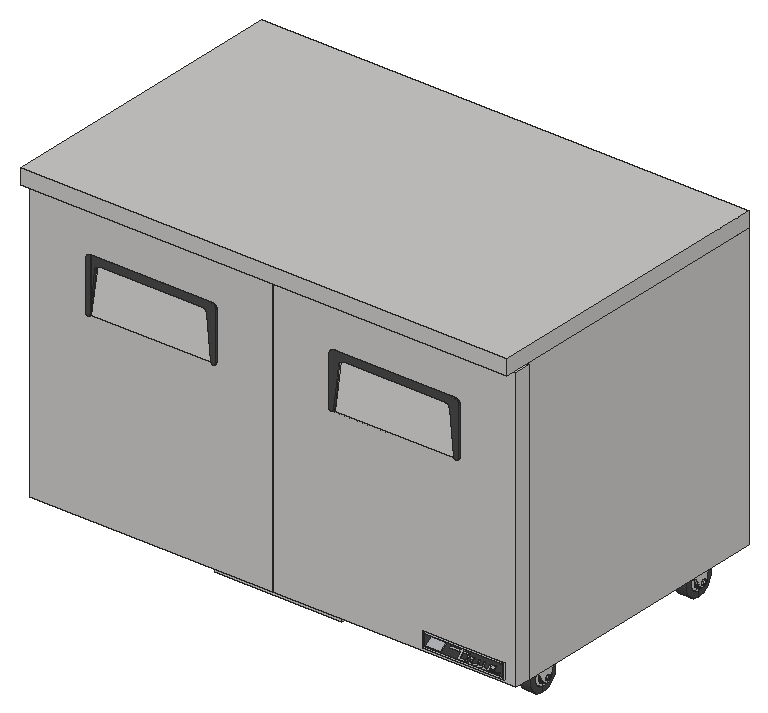
Revit family "QF_TRUE_TUC-48-ADA-HC_cat", category Specialty Equipment, Revit 2016
Family settings
  Part Type = Normal
  Round Connector Dimension = Use Diameter
  Work Plane-Based = No
  Always vertical = Yes
  Cut with Voids When Loaded = No
  Shared = Yes
  Room Calculation Point = No
Parameters
  Weight in Pounds = 260
  Watts = FL Amps * Volts  # 460 W
  Volts = 115 V
  URL Manufacturer = "www.truemfg.com"
  URL = "www.truemfg.com"
  Type Mark [instance] = ""
  Status [instance] = ""
  Specification by User [instance] = ""
  Specification by Manufacturer = ""
  Show Seismic Flanged [instance] = no
  Show Low Profile Model [instance] = no
  Show Logo [instance] = yes
  Show Clearance [instance] = yes
  Show ADA Compliant Model [instance] = yes
  Show 6 Inches Legs [instance] = no
  Show Default Model [instance] = if(or(Show 6 Inches Legs, Show 2.5 Inches Casters), or(or(Show Low Profile Model, Show ADA Compliant Model), and(Show 6 Inches Legs, Show 2.5 Inches Casters), and(Show 2.5 Inches Casters, Show Seismic Flanged)), if(or(Show Low Profile Model, Show ADA Compliant Model), or(Show Seismic Flanged, and(Show Low Profile Model, Show ADA Compliant Model)), not(Show Seismic Flanged)))  # no
  Show 2.5 Inches Casters [instance] = no
  Serial Number = ""
  Seismic Rating = ""
  SMACNA No = ""
  Revision Code [instance] = ""
  Phase = 1
  Omniclass Number and Title = ""
  Number of Poles [instance] = 1
  NAFEM Spec ID Number = ""
  Model = "TUC-48-ADA-HC"
  Min Ckt Ampacity = 0 A
  Max Overcurrent Protection = 0 A
  MasterSpec. = ""
  Manufacturer = "TRUE"
  Low Profile Model [instance] = and(Show Low Profile Model, not(Show Default Model))  # no
  Length = 48 5/16"
  Item Number [instance] = ""
  Installed By [instance] = ""
  Identify Quantity as Lot [instance] = yes
  Height = 33 11/16"
  HP = "1/4"
  Furnished By [instance] = ""
  Foodservice Equipment Identifier [instance] = yes
  FL Amps = 4 A
  Electrical Remarks [instance] = ""
  Electric Connection Type [instance] = ""
  Elec Conn RI Height [instance] = 0"
  Elec Conn Connection Height [instance] = 0"
  Description = "ADA COMPLIANT SOLID DOOR REFRIGERATOR WITH HYDROCARBON REFRIGERANT"
  Depth = 30 1/16"
  Cycle = 60 Hz
  Conn Plug = "NEMA 5-15P"
  Conn Conduit = yes
  CSI MasterFormat = ""
  CSI Master Format = ""
  Base Height [instance] = if(Show Default Model, 6 1/4", if(Show Low Profile Model, 2 1/8", if(Show Seismic Flanged, 6", if(Show 6 Inches Legs, 6", if(Show 2.5 Inches Casters, 2 1/2", if(Show ADA Compliant Model, 3 15/16", 6 1/4"))))))  # 3 15/16"
  Apparent Power = if(Phase = 3, Volts * FL Amps * 1.73, Volts * FL Amps)  # 460 VA
  ADA Compliant Model [instance] = and(Show ADA Compliant Model, not(Show Default Model))  # yes
  6" Seismic Flanged [instance] = and(Show Seismic Flanged, not(Show Default Model))  # no
  6" Legs [instance] = and(or(Show Seismic Flanged, Show 6 Inches Legs), not(Show Default Model))  # no
  2.5" Casters [instance] = and(Show 2.5 Inches Casters, not(Show Default Model))  # no
Reference planes (in)
  plane 1 "BACK": y = -16.5
  plane 2: z = 0
  plane 3 "LEFT": x = 0
  plane 4 "RIGHT": x = 48.3125
  plane 5 "FRONT": y = -48.125
  plane 6 "TOP": z = 33.6875
  plane 7: z = 3.9375
  plane 8: y = -47.5625
  plane 9: y = -17.5
  plane 10: x = 24.15625
  plane 11: x = 2.84375
  plane 12: x = 45.53125
Dimensions and locks (in)
  "Length": plane 3 "LEFT" to plane 4 "RIGHT"
  plane 4 "RIGHT" to plane 3 "LEFT" = 48 5/16"
  plane 5 "FRONT" to plane 1 "BACK" = 31 5/8"
  "Base Height": plane 7 to level
  equal spacing: plane 3 "LEFT", plane 10, plane 4 "RIGHT"
  plane 5 "FRONT" to plane 8 = 9/16"
  plane 8 to plane 9 to plane 1 "BACK" = 30 1/16", 1"
  plane 1 "BACK" to plane 9 to plane 5 "FRONT" = 1", 30 5/8"
  "Depth": plane 9 to plane 8
  locked: plane 6 "TOP" to plane 7 at 29.75
  plane 6 "TOP" to level = 33 11/16"
  aligned and locked: level to plane 2
  aligned and locked: plane 7 to nested 1
Nested families (in)
  nested 1: "TUC-48-ADA-HC" at (0, 0, 0), Show Logo <- "Show Logo", Show Clearance <- "Show Clearance", type "TUC-48-ADA-HC"
    with Show Logo yes, Show Clearance yes
  nested 2: "Caster-Legs" at (2.84375, -21.74082, 0), Show Siesmic Flanged <- "6" Seismic Flanged", Show Legs <- "6" Legs", Low Profile <- "Low Profile Model", Show 2.5 Casters <- "2.5" Casters", Show 6" Casters <- "Show Default Model", Show 4" Casters <- "Show ADA Compliant Model", type "Caster-Legs"
    with Type Mark "", Status "", Specification by User "", Show Siesmic Flanged no, Show Legs no, Show 6" Casters no, Show 5" Casters no, Show 4" Casters yes, Show 2.5 Casters no, Revision Code "", Low Profile no, Item Number "", Installed By "", Identify Quantity as Lot yes, Furnished By "", Foodservice Equipment Identifier yes
  nested 3: "Caster-Legs" at (45.53125, -21.74082, 0), Show Siesmic Flanged <- "6" Seismic Flanged", Show Legs <- "6" Legs", Low Profile <- "Low Profile Model", Show 2.5 Casters <- "2.5" Casters", Show 6" Casters <- "Show Default Model", Show 4" Casters <- "Show ADA Compliant Model", type "Caster-Legs"
    with Type Mark "", Status "", Specification by User "", Show Siesmic Flanged no, Show Legs no, Show 6" Casters no, Show 5" Casters no, Show 4" Casters yes, Show 2.5 Casters no, Revision Code "", Low Profile no, Item Number "", Installed By "", Identify Quantity as Lot yes, Furnished By "", Foodservice Equipment Identifier yes
  nested 4: "Caster-Legs" at (45.53125, -41.06531, 0), Show Siesmic Flanged <- "6" Seismic Flanged", Show Legs <- "6" Legs", Low Profile <- "Low Profile Model", Show 2.5 Casters <- "2.5" Casters", Show 6" Casters <- "Show Default Model", Show 4" Casters <- "Show ADA Compliant Model", type "Caster-Legs"
    with Type Mark "", Status "", Specification by User "", Show Siesmic Flanged no, Show Legs no, Show 6" Casters no, Show 5" Casters no, Show 4" Casters yes, Show 2.5 Casters no, Revision Code "", Low Profile no, Item Number "", Installed By "", Identify Quantity as Lot yes, Furnished By "", Foodservice Equipment Identifier yes
  nested 5: "Caster-Legs" at (2.84375, -41.06531, 0), Show Siesmic Flanged <- "6" Seismic Flanged", Show Legs <- "6" Legs", Low Profile <- "Low Profile Model", Show 2.5 Casters <- "2.5" Casters", Show 6" Casters <- "Show Default Model", Show 4" Casters <- "Show ADA Compliant Model", type "Caster-Legs"
    with Type Mark "", Status "", Specification by User "", Show Siesmic Flanged no, Show Legs no, Show 6" Casters no, Show 5" Casters no, Show 4" Casters yes, Show 2.5 Casters no, Revision Code "", Low Profile no, Item Number "", Installed By "", Identify Quantity as Lot yes, Furnished By "", Foodservice Equipment Identifier yes
Connectors (in)
  electrical at (44.20667, -17.5, 9.67322), driven by "Volts", driven by "Watts"
    settings: on nested 1, index 3, voltage 115 V, apparent load 460 VA, apparent load phase1 0 VA, apparent load phase2 0 VA, apparent load phase3 0 VA, power factor 1, load classification "Other", number of poles 1, system type 30, power factor state 1, is connector primary yes, connector utility no, sub classification motor no, connector description "ELECTRICAL CONNECTION"
Definition of nested family "TUC-48-ADA-HC"
  Parameters (values of type "TUC-48G-ADA-HC-FGD01")
    URL = ""
    Show Logo [instance] = yes
    Show Clearance [instance] = yes
    Model = ""
    Manufacturer = ""
    Description = ""
    Assembly Code = ""
  Reference planes (in)
    plane 1 "BACK": y = -16.5
    plane 2: z = 0
    plane 3 "LEFT": x = 0
    plane 4 "RIGHT": x = 48.3125
    plane 5 "FRONT": y = -48.125
    plane 6 "TOP": z = 33.6875
    plane 7: z = 3.9375
    plane 8: x = 24.15625
    plane 9: z = 27.63
    plane 10: z = 22.15093
    plane 11: x = 12.07812
    plane 12: z = 27.63
    plane 13: z = 22.15093
    plane 14: y = -57.53306
    plane 15: y = -17.5
    plane 16: y = -47.5625
  Forms (in)
    Extrusion 1, solid
      sketch origin (0, 0, 0) x (0, 1, 0) y (0, 0, 1)
        loop
          line (-47.5625, 33.6875) -> (-47.5625, 32.17322) -> (-17.5, 32.17322) -> (-17.5, 33.6875) -> (-47.5625, 33.6875)
      from 0 to 48.3125
    Extrusion 2, solid
      sketch origin (0, 0, 0) x (0, 1, 0) y (0, 0, 1)
        loop
          line (-44.81701, 32.17322) -> (-44.81701, 3.9375) -> (-17.5, 3.9375) -> (-17.5, 32.17322) -> (-44.81701, 32.17322)
      from 0 to 48.3125
    Extrusion 3, solid
      sketch origin (4.5, -13.375, -2.32678) x (1, 0, 0) y (0, 0, 1)
        loop
          line (-4.5, 34.28323) -> (-4.5, 6.25) -> (19.625, 6.25) -> (19.625, 34.28323) -> (-4.5, 34.28323)
      from 31.44201 to 33
    Extrusion 4, solid
      sketch origin (-6, -16.5, -2.9375) x (1, 0, 0) y (0, 0, 1)
        loop
          line (22.0625, 6.875) -> (22.0625, 4.5625) -> (34.6875, 4.5625) -> (34.6875, 6.875) -> (22.0625, 6.875)
      from 1.69409 to 27
    Extrusion 5, solid
      sketch origin (-6.09375, -13.375, -2.32678) x (1, 0, 0) y (0, 0, 1)
        loop
          line (54.40625, 6.25) -> (54.40625, 34.28323) -> (30.28125, 34.28323) -> (30.28125, 6.25) -> (54.40625, 6.25)
      from 31.44201 to 33
    Extrusion 6, void
      sketch origin (-6, -45.81701, 4.49997) x (0, 0, -1) y (-1, 0, 0)
        loop
          line (-1.42325, -8) -> (-25.45648, -8) -> (-25.45648, -52.3125) -> (-1.42325, -52.3125) -> (-1.42325, -8)
      from 1 to 24
    Extrusion 7, solid, visible <- "Show Clearance", detail levels coarse
      sketch origin (11.8682, -36.72639, -0.07678) x (-1, 0, 0) y (0, -1, 0)
        loop
          line (11.8682, 9.64861) -> (11.8682, 32.39861)
          arc (11.8682, 32.39861) -> (-4.9218, 26.03684) -> (-12.2568, 9.64861) r 23.39214
          line (-12.2568, 9.64861) -> (11.8682, 9.64861)
      from 4 to 32.03323
    Revolve 8, solid
      sketch origin (-12.93057, -16.5155, 20.92322) x (1, 0, 0) y (0, 1, 0)
        loop
          line (18.64104, -0.9845) -> (19.10979, -0.9845) -> (19.10979, 0.0155) -> (18.64104, 0.0155) -> (18.64104, -0.9845)
        axis (18.64104, -0.9845) -> (18.64104, 0.0155)
      angle from 0 to 360
    Revolve 9, solid
      sketch origin (61.30557, -16.5155, 20.92322) x (-1, 0, 0) y (0, -1, 0)
        loop
          line (18.70354, 0.9845) -> (18.70354, -0.0155) -> (19.17229, -0.0155) -> (19.17229, 0.9845) -> (18.70354, 0.9845)
        axis (18.70354, 0.9845) -> (18.70354, -0.0155)
      angle from 0 to 360
    Extrusion 10, solid
      sketch origin (-13.77458, -17.5, -2.32678) x (1, 0, 0) y (0, 0, 1)
        loop
          circle (57.98125, 12) r 0.25
      from 0 to 0.0625
    Extrusion 11, solid, visible <- "Show Clearance", detail levels coarse
      sketch origin (36.5068, -36.72639, -0.07678) x (1, 0, 0) y (0, 1, 0)
        loop
          line (11.8057, -9.64861) -> (-12.3193, -9.64861)
          arc (-12.3193, -9.64861) -> (-4.9843, -26.03684) -> (11.8057, -32.39861) r 23.39214
          line (11.8057, -32.39861) -> (11.8057, -9.64861)
      from 4 to 32.03323
    Extrusion 12, void
      sketch origin (12.07812, -13.78209, 48) x (0, -1, 0) y (0, 0, 1)
        loop
          line (32.59291, -20.37) -> (31.52391, -20.37) -> (32.59291, -25.84907) -> (32.59291, -20.37)
      from -6 to 6
    Extrusion 13, solid
      sketch origin (0.07813, -46.375, 0) x (1, 0, 0) y (0, 0, 1)
        loop
          line (5.52833, 27.13) -> (5.52833, 22.36054)
          arc (5.52833, 22.36054) -> (5.74774, 22.11831) -> (6.01044, 22.31274) r 0.24342
          line (6.01044, 22.31274) -> (6.44945, 26.42717)
          arc (6.44945, 26.42717) -> (6.61215, 26.74648) -> (6.94671, 26.87491) r 0.5
          line (6.94671, 26.87491) -> (17.05329, 26.87491)
          arc (17.05329, 26.87491) -> (17.38785, 26.74648) -> (17.55055, 26.42717) r 0.5
          line (17.55055, 26.42717) -> (17.98956, 22.31274)
          arc (17.98956, 22.31274) -> (18.25226, 22.11831) -> (18.47166, 22.36054) r 0.24342
          line (18.47166, 22.36054) -> (18.47166, 27.13)
          arc (18.47166, 27.13) -> (18.32522, 27.48356) -> (17.97166, 27.63) r 0.5
          line (17.97166, 27.63) -> (6.02833, 27.63)
          arc (6.02833, 27.63) -> (5.67478, 27.48356) -> (5.52833, 27.13) r 0.5
      from 0 to 0.0625
    Extrusion 14, void
      sketch origin (36.29688, -13.78209, 48) x (0, -1, 0) y (0, 0, -1)
        loop
          line (32.59291, 20.37) -> (32.59291, 25.84907) -> (31.52391, 20.37) -> (32.59291, 20.37)
      from -6 to 6
    Extrusion 15, solid
      sketch origin (48.29687, -46.375, 0) x (-1, 0, 0) y (0, 0, -1)
        loop
          arc (5.59083, -27.13) -> (5.73728, -27.48356) -> (6.09083, -27.63) r 0.5
          line (6.09083, -27.63) -> (18.00291, -27.63)
          arc (18.00291, -27.63) -> (18.35647, -27.48356) -> (18.50291, -27.13) r 0.5
          line (18.50291, -27.13) -> (18.50291, -22.36054)
          arc (18.50291, -22.36054) -> (18.28351, -22.11831) -> (18.02081, -22.31274) r 0.24342
          line (18.02081, -22.31274) -> (17.5818, -26.42717)
          arc (17.5818, -26.42717) -> (17.4191, -26.74648) -> (17.08454, -26.87491) r 0.5
          line (17.08454, -26.87491) -> (7.00921, -26.87491)
          arc (7.00921, -26.87491) -> (6.67465, -26.74648) -> (6.51195, -26.42717) r 0.5
          line (6.51195, -26.42717) -> (6.07294, -22.31274)
          arc (6.07294, -22.31274) -> (5.81024, -22.11831) -> (5.59083, -22.36054) r 0.24342
          line (5.59083, -22.36054) -> (5.59083, -27.13)
      from 0 to 0.0625
  Cuts and joins
    Extrusion 6 cuts Extrusion 2
    Extrusion 6, Extrusion 12, Extrusion 14 cuts Extrusion 3
    Extrusion 6, Extrusion 14 cuts Extrusion 5
    Extrusion 14 cuts Extrusion 7
  Lines and regions (in)
    symbolic lines
      curve 1: line (0, -17.5, 0) -> (48.3125, -17.5, 0)
      curve 2: line (48.3125, -47.5625, 0) -> (0, -47.5625, 0)
      curve 3: line (48.3125, -17.5, 0) -> (48.3125, -47.5625, 0)
      curve 4: line (6.17922, -16.5, 0) -> (5.24172, -16.5, 0)
      curve 5: line (6.17922, -16.5, 0) -> (6.17922, -17.5, 0)
      curve 6: line (5.24172, -16.5, 0) -> (5.24172, -17.5, 0)
      curve 7: line (42.07078, -16.5, 0) -> (43.00828, -16.5, 0)
      curve 8: line (42.07078, -16.5, 0) -> (42.07078, -17.5, 0)
      curve 9: line (43.00828, -16.5, 0) -> (43.00828, -17.5, 0)
      curve 10: line (0, -17.5, 0) -> (0, -47.5625, 0)
      curve 11: arc (24.24654, -47.5625, 0) -> (25.37507, -53.11477, 0) -> (27.8051, -58.23299, 0) r 23.39786
      curve 12: line (27.8051, -58.23299, 0) -> (46.25551, -47.5625, 0)
      curve 13: arc (24.06596, -47.5625, 0) -> (22.93743, -53.11477, 0) -> (20.5074, -58.23299, 0) r 23.39786
      curve 14: line (20.5074, -58.23299, 0) -> (2.05699, -47.5625, 0)
  Dimensions and locks (in)
    plane 3 "LEFT" to plane 4 "RIGHT" = 48 5/16"
    plane 4 "RIGHT" to plane 3 "LEFT" = 48 5/16"
    plane 6 "TOP" to level = 33 11/16"
    plane 5 "FRONT" to plane 1 "BACK" = 31 5/8"
    plane 7 to level = 3 15/16"
    plane 6 "TOP" to plane 7 = 29 3/4"
    equal spacing: plane 3 "LEFT", plane 8, plane 4 "RIGHT"
    cut or joined group of Extrusion 2, Extrusion 6 to plane 1 "BACK" = 1"
    level to Extrusion 4 = 1 5/8"
    Extrusion 4 to plane 7 = 2 5/16"
    plane 1 "BACK" to plane 14 = 41.03306"
    plane 16 to plane 15 to plane 1 "BACK" = 30 1/16", 1"
    Extrusion 4 to Extrusion 4 to plane 4 "RIGHT" = 12 5/8", 19 5/8"
    aligned and locked: level to plane 2
  Automatic sketch dimensions
    curve 10 to plane 3 "LEFT" = 0"
    plane 1 "BACK" to curve 4 = 0"
    plane 1 "BACK" to curve 7 = 0"
    curve 3 to plane 4 "RIGHT" = 0"
    plane 3 "LEFT" to curve 13 = 0.74136"
    plane 3 "LEFT" to curve 4 = 5.24172"
    curve 4 to curve 5 = 15/16"
    plane 8 to curve 14 = 3.64885"
    curve 12 to plane 8 = 3.64885"
    curve 7 to plane 4 "RIGHT" = 6.24172"
    curve 7 to curve 9 = 15/16"
    curve 11 to plane 4 "RIGHT" = 0.74136"
    plane 5 "FRONT" to curve 12 = 10.10799"
    curve 14 to curve 11 = 0"
    plane 1 "BACK" to curve 3 = 1"
    plane 3 "LEFT" to curve 14 = 2.05699"
    curve 12 to plane 4 "RIGHT" = 2.05699"
    Extrusion 1 sketch curve to plane 6 "TOP" = 0"
    plane 1 "BACK" to Extrusion 1 sketch curve = 1"
    Extrusion 1 sketch curve to plane 6 "TOP" = 1.51428"
    Extrusion 2 sketch curve to plane 7 = 0"
    plane 1 "BACK" to Extrusion 2 sketch curve = 1"
    Extrusion 2 sketch curve to plane 6 "TOP" = 1.51428"
    Extrusion 3 sketch curve to plane 3 "LEFT" = 0"
    Extrusion 3 sketch curve to plane 7 = 0.01428"
    plane 8 to Extrusion 3 sketch curve = 1/32"
    Extrusion 3 sketch curve to plane 6 "TOP" = 1.73105"
    Extrusion 5 sketch curve to plane 4 "RIGHT" = 0"
    Extrusion 5 sketch curve to plane 8 = 1/32"
    Extrusion 5 sketch curve to plane 7 = 0.01428"
    Extrusion 5 sketch curve to plane 6 "TOP" = 1.73105"
    Extrusion 6 sketch curve to plane 6 "TOP" = 3.73105"
    plane 7 to Extrusion 6 sketch curve = 1.98572"
    Extrusion 6 sketch curve to plane 4 "RIGHT" = 2"
    plane 3 "LEFT" to Extrusion 6 sketch curve = 2"
    Extrusion 7 sketch curve to plane 3 "LEFT" = 0"
    plane 3 "LEFT" to Extrusion 7 sketch curve = 0.74136"
    plane 8 to Extrusion 7 sketch curve = 1/32"
    plane 1 "BACK" to Revolve 8 sketch curve = 0"
    plane 1 "BACK" to Revolve 8 sketch curve = 1"
    plane 3 "LEFT" to Revolve 8 sketch curve = 5.71047"
    Revolve 8 sketch curve to Revolve 8 sketch curve = 15/32"
    Revolve 8 sketch curve to Revolve 8 sketch curve = 0"
    Revolve 8 sketch curve to Revolve 8 sketch curve = 0.0155"
    Revolve 8 sketch curve to plane 1 "BACK" = 0.2345"
    plane 1 "BACK" to Revolve 9 sketch curve = 0"
    plane 1 "BACK" to Revolve 9 sketch curve = 1"
    Revolve 9 sketch curve to plane 4 "RIGHT" = 5.71047"
    Revolve 9 sketch curve to Revolve 9 sketch curve = 15/32"
    Revolve 9 sketch curve to Revolve 9 sketch curve = 0"
    Revolve 9 sketch curve to plane 1 "BACK" = 0.2345"
    Revolve 9 sketch curve to Revolve 9 sketch curve = 0.0155"
    Extrusion 10 sketch curve to plane 4 "RIGHT" = 4.10583"
    plane 7 to Extrusion 10 sketch curve = 5.73572"
    Extrusion 11 sketch curve to plane 4 "RIGHT" = 0"
    Extrusion 11 sketch curve to plane 4 "RIGHT" = 0.74136"
    Extrusion 11 sketch curve to plane 8 = 1/32"
    Extrusion 12 sketch curve to plane 9 = 0"
    Extrusion 12 sketch curve to plane 10 = 0"
    plane 3 "LEFT" to Extrusion 13 sketch curve = 5.60646"
    Extrusion 13 sketch curve to Extrusion 13 sketch curve = 0.24342"  (x2)
    Extrusion 13 sketch curve to Extrusion 13 sketch curve = 0.23868"  (x2)
    Extrusion 13 sketch curve to Extrusion 13 sketch curve = 1/2"
    Extrusion 13 sketch curve to Extrusion 13 sketch curve = 0.42112"
    Extrusion 13 sketch curve to Extrusion 13 sketch curve = 0.49726"  (x2)
    plane 11 to Extrusion 13 sketch curve = 5.05329"
    Extrusion 13 sketch curve to Extrusion 13 sketch curve = 0.91838"
    Extrusion 13 sketch curve to Extrusion 13 sketch curve = 0.43901"
    Extrusion 13 sketch curve to plane 6 "TOP" = 11.37476"  (x2)
    Extrusion 13 sketch curve to Extrusion 13 sketch curve = 4.06217"  (x2)
    Extrusion 13 sketch curve to Extrusion 13 sketch curve = 0.05226"
    Extrusion 13 sketch curve to Extrusion 13 sketch curve = 0.70283"
    Extrusion 14 sketch curve to plane 12 = 0"
    Extrusion 14 sketch curve to plane 13 = 0"
    Extrusion 15 sketch curve to plane 4 "RIGHT" = 5.60646"
    Extrusion 15 sketch curve to Extrusion 15 sketch curve = 0.24342"  (x2)
    Extrusion 15 sketch curve to Extrusion 15 sketch curve = 0.23868"  (x2)
    Extrusion 15 sketch curve to Extrusion 15 sketch curve = 1/2"
    Extrusion 15 sketch curve to Extrusion 15 sketch curve = 0.42112"
    Extrusion 15 sketch curve to Extrusion 15 sketch curve = 0.49726"  (x2)
    Extrusion 15 sketch curve to plane 8 = 7.05609"
    Extrusion 15 sketch curve to Extrusion 15 sketch curve = 0.91838"
    Extrusion 15 sketch curve to Extrusion 15 sketch curve = 0.43901"
    Extrusion 15 sketch curve to plane 6 "TOP" = 6.0575"
    Extrusion 15 sketch curve to Extrusion 15 sketch curve = 0.25509"
    Extrusion 15 sketch curve to Extrusion 15 sketch curve = 0.44774"  (x2)
    Extrusion 15 sketch curve to Extrusion 15 sketch curve = 4.06664"  (x2)
    curve 2 to plane 5 "FRONT" = 9/16"
    curve 2 to curve 13 = 1.85003"
    curve 2 to curve 11 = 1.85003"
    Extrusion 1 sketch curve to plane 5 "FRONT" = 9/16"
    Extrusion 2 sketch curve to plane 5 "FRONT" = 3.30799"
    Extrusion 7 sketch curve to plane 5 "FRONT" = 1 3/4"
    Extrusion 11 sketch curve to plane 5 "FRONT" = 1 3/4"
    Extrusion 12 sketch curve to plane 5 "FRONT" = 2.819"
    Extrusion 12 sketch curve to plane 5 "FRONT" = 1 3/4"
    Extrusion 14 sketch curve to plane 5 "FRONT" = 2.819"
    Extrusion 14 sketch curve to plane 5 "FRONT" = 1 3/4"
    Extrusion 7 sketch curve to Extrusion 7 sketch curve = 0.63039"
    plane 5 "FRONT" to Extrusion 11 sketch curve = 21"
    Extrusion 4 sketch curve to plane 8 = 4 17/32"
    plane 11 to Extrusion 4 sketch curve = 3 63/64"
    level to Extrusion 4 sketch curve = 1 5/8"
    Extrusion 4 sketch curve to plane 7 = 0"
    radius of Extrusion 10 sketch curve = 1/4"
  Nested families (in)
    nested 1: "QF_LOGO_TRUE" at (39.07846, -46.375, 4.21961), Show Logo <- "Show Logo", type "QF_LOGO_TRUE", detail levels medium+fine
      with Show Logo yes
  Definition of nested family "QF_LOGO_TRUE"
    Parameters (values of type "QF_LOGO_TRUE")
      Show Logo [instance] = yes
    Reference planes (in)
      plane 1 "Center (Front/Back)": y = 0
      plane 2: z = 0
      plane 3 "Center (Left/Right)": x = 0
    Forms (in)
      Extrusion 1, solid, visible <- "Show Logo"
        sketch origin (-78.34647, 34.76905, -30.51001) x (1, 0, 0) y (0, 0, 1)
          loop
            line (81.15226, 31.65456) -> (81.07353, 31.48573) -> (82.12083, 31.48573)
            arc (82.12083, 31.48573) -> (82.14208, 31.44814) -> (82.12083, 31.41055) r 0.04386
            line (82.12083, 31.41055) -> (81.84767, 30.82478)
            arc (81.84767, 30.82478) -> (81.84531, 30.77052) -> (81.882, 30.73048) r 0.07096
            line (81.882, 30.73048) -> (82.55165, 30.73048)
            arc (82.55165, 30.73048) -> (82.63621, 30.75714) -> (82.69019, 30.82748) r 0.14742
            line (82.69019, 30.82748) -> (82.90515, 31.28847) -> (83.10265, 31.28847)
            arc (83.10265, 31.28847) -> (83.15447, 31.26942) -> (83.14697, 31.21472) r 0.04405
            line (83.14697, 31.21472) -> (82.9671, 30.82899)
            arc (82.9671, 30.82899) -> (82.9699, 30.76493) -> (83.02398, 30.73048) r 0.06943
            line (83.02398, 30.73048) -> (83.6124, 30.73048)
            arc (83.6124, 30.73048) -> (83.65748, 30.74689) -> (83.68147, 30.78844) r 0.07014
            arc (83.68147, 30.78844) -> (83.69845, 30.74745) -> (83.73943, 30.73048) r 0.05796
            line (83.73943, 30.73048) -> (84.112, 30.73048)
            arc (84.112, 30.73048) -> (84.15504, 30.74201) -> (84.18655, 30.77352) r 0.08608
            arc (84.18655, 30.77352) -> (84.20164, 30.7371) -> (84.23806, 30.72202) r 0.0515
            line (84.23806, 30.72202) -> (84.76757, 30.72202)
            arc (84.76757, 30.72202) -> (84.81086, 30.73995) -> (84.8288, 30.78324) r 0.06122
            arc (84.8288, 30.78324) -> (84.86848, 30.74355) -> (84.92269, 30.72903) r 0.10842
            line (84.92269, 30.72903) -> (85.91461, 30.72903) -> (86.02479, 30.91987) -> (85.0243, 30.91987)
            arc (85.0243, 30.91987) -> (84.99669, 30.93902) -> (84.99566, 30.97261) r 0.03732
            line (84.99566, 30.97261) -> (85.01297, 31.00972)
            arc (85.01297, 31.00972) -> (85.03954, 31.04453) -> (85.0813, 31.05774) r 0.07263
            line (85.0813, 31.05774) -> (85.40289, 31.05774)
            arc (85.40289, 31.05774) -> (85.4723, 31.07633) -> (85.52311, 31.12715) r 0.13882
            line (85.52311, 31.12715) -> (85.61625, 31.28847)
            arc (85.61625, 31.28847) -> (85.61625, 31.37458) -> (85.54168, 31.41763) r 0.08611
            line (85.54168, 31.41763) -> (85.20227, 31.41763)
            arc (85.20227, 31.41763) -> (85.11574, 31.40294) -> (85.05538, 31.33923) r 0.13863
            line (85.05538, 31.33923) -> (84.89409, 30.99333)
            arc (84.89409, 30.99333) -> (84.84649, 30.9313) -> (84.77191, 30.90778) r 0.13002
            line (84.77191, 30.90778) -> (84.41984, 30.90778)
            arc (84.41984, 30.90778) -> (84.3777, 30.95378) -> (84.38042, 31.0161) r 0.08151
            line (84.38042, 31.0161) -> (84.56766, 31.41763) -> (84.44849, 31.41763) -> (84.25012, 30.99222)
            arc (84.25012, 30.99222) -> (84.21158, 30.94199) -> (84.15119, 30.92296) r 0.10527
            line (84.15119, 30.92296) -> (83.90842, 30.92296)
            arc (83.90842, 30.92296) -> (83.8674, 30.97642) -> (83.87619, 31.04323) r 0.08805
            line (83.87619, 31.04323) -> (84.05078, 31.41763) -> (83.92772, 31.41763) -> (83.72676, 30.98668)
            arc (83.72676, 30.98668) -> (83.68011, 30.94003) -> (83.61639, 30.92296) r 0.12745
            line (83.61639, 30.92296) -> (83.26484, 30.92296)
            arc (83.26484, 30.92296) -> (83.2017, 30.9524) -> (83.19563, 31.0218) r 0.06967
            line (83.19563, 31.0218) -> (83.31118, 31.26961) -> (83.47452, 31.26961)
            arc (83.47452, 31.26961) -> (83.50209, 31.35268) -> (83.56075, 31.41763) r 0.21289
            line (83.56075, 31.41763) -> (82.92244, 31.41763)
            arc (82.92244, 31.41763) -> (82.85151, 31.40191) -> (82.80242, 31.34834) r 0.12081
            line (82.80242, 31.34834) -> (82.6294, 30.9773)
            arc (82.6294, 30.9773) -> (82.58962, 30.93752) -> (82.53528, 30.92296) r 0.10869
            line (82.53528, 30.92296) -> (82.1542, 30.92296)
            arc (82.1542, 30.92296) -> (82.12446, 30.96315) -> (82.13012, 31.01283) r 0.06822
            line (82.13012, 31.01283) -> (82.38156, 31.48573) -> (83.01596, 31.48573) -> (83.09469, 31.65456) -> (82.46029, 31.65456) -> (82.53902, 31.8234) -> (82.31334, 31.8234) -> (82.23461, 31.65456) -> (81.15226, 31.65456)
          loop
            arc (85.15937, 31.26434) -> (85.13191, 31.25698) -> (85.1118, 31.23688) r 0.05494
            line (85.1118, 31.23688) -> (85.09547, 31.18665)
            arc (85.09547, 31.18665) -> (85.10304, 31.16837) -> (85.12133, 31.16079) r 0.02586
            line (85.12133, 31.16079) -> (85.39889, 31.16079)
            arc (85.39889, 31.16079) -> (85.41888, 31.16523) -> (85.43513, 31.1777) r 0.04731
            line (85.43513, 31.1777) -> (85.44863, 31.2402)
            arc (85.44863, 31.2402) -> (85.44466, 31.25693) -> (85.42914, 31.26434) r 0.01994
            line (85.42914, 31.26434) -> (85.15937, 31.26434)
          loop
            line (78.62961, 30.74125) -> (80.12032, 30.74125) -> (80.73891, 31.81268) -> (79.2482, 31.81268) -> (78.62961, 30.74125)
        from 34.76797 to 34.83173
      Extrusion 2, solid, visible <- "Show Logo"
        sketch origin (-142.84857, 34.75108, -33.3546) x (1, 0, 0) y (0, 0, 1)
          loop
            line (150.81107, 34.71978) -> (142.98607, 34.71978) -> (142.98607, 33.4921) -> (150.81107, 33.4921) -> (150.81107, 34.71978)
        from 34.75108 to 34.78125
      Extrusion 3, solid, visible <- "Show Logo"
        sketch origin (-142.84857, 34.75108, -33.3546) x (1, 0, 0) y (0, 0, 1)
          loop
            line (150.94857, 34.85727) -> (142.84857, 34.85727) -> (142.84857, 33.3546) -> (150.94857, 33.3546) -> (150.94857, 34.85727)
          loop
            line (142.98607, 34.71978) -> (142.98607, 33.4921) -> (150.81107, 33.4921) -> (150.81107, 34.71978) -> (142.98607, 34.71978)
        from 34.75108 to 34.81376
      Extrusion 4, solid, not visible
        sketch origin (121.45701, -16.5, 4.98235) x (1, 0, 0) y (0, 0, 1)
          loop
            line (25.20115, 35.89949) -> (25.20115, 33.96647) -> (30.95381, 33.96647) -> (30.95381, 35.89949) -> (25.20115, 35.89949)
        from 31.5 to 31.54261
      Extrusion 5, solid, not visible
        sketch origin (121.45701, -16.5, 4.98235) x (1, 0, 0) y (0, 0, 1)
          loop
            line (26.7387, 34.95472) -> (26.61492, 34.49276) -> (27.038, 34.49276)
            arc (27.038, 34.49276) -> (27.13117, 34.52484) -> (27.18485, 34.60749) r 0.15134
            arc (27.18485, 34.60749) -> (27.20396, 34.68138) -> (27.22435, 34.75493) r 4.37326
            arc (27.22435, 34.75493) -> (27.23458, 34.81765) -> (27.22435, 34.88037) r 0.1974
            arc (27.22435, 34.88037) -> (27.18247, 34.93579) -> (27.11563, 34.95472) r 0.10914
            line (27.11563, 34.95472) -> (26.7387, 34.95472)
          loop
            line (26.90201, 34.80638) -> (26.84645, 34.59903) -> (26.92855, 34.59903)
            arc (26.92855, 34.59903) -> (26.98205, 34.6185) -> (27.01051, 34.6678) r 0.08322
            line (27.01051, 34.6678) -> (27.02399, 34.74424)
            arc (27.02399, 34.74424) -> (27.01491, 34.78454) -> (26.97985, 34.80638) r 0.05353
            line (26.97985, 34.80638) -> (26.90201, 34.80638)
          loop
            line (27.45336, 34.66131) -> (27.76233, 34.66131) -> (27.78859, 34.73909)
            arc (27.78859, 34.73909) -> (27.7878, 34.82039) -> (27.73107, 34.87864) r 0.10925
            arc (27.73107, 34.87864) -> (27.68233, 34.8944) -> (27.63139, 34.89974) r 0.24595
            line (27.63139, 34.89974) -> (27.46708, 34.89974)
            arc (27.46708, 34.89974) -> (27.4068, 34.88073) -> (27.3535, 34.84677) r 0.2421
            arc (27.3535, 34.84677) -> (27.2897, 34.76363) -> (27.26702, 34.66131) r 0.2421
            line (27.26702, 34.66131) -> (27.26702, 34.54477)
            arc (27.26702, 34.54477) -> (27.31618, 34.4956) -> (27.38334, 34.47761) r 0.13431
            line (27.38334, 34.47761) -> (27.59054, 34.47761)
            arc (27.59054, 34.47761) -> (27.63459, 34.48281) -> (27.67622, 34.49812) r 0.18924
            line (27.67622, 34.49812) -> (27.73102, 34.61563)
            arc (27.73102, 34.61563) -> (27.68453, 34.59565) -> (27.63566, 34.58252) r 0.35376
            arc (27.63566, 34.58252) -> (27.55885, 34.56956) -> (27.48204, 34.58252) r 0.23415
            arc (27.48204, 34.58252) -> (27.44492, 34.61362) -> (27.45336, 34.66131) r 0.04838
          loop
            line (27.4842, 34.73042) -> (27.62012, 34.73042) -> (27.62621, 34.76496)
            arc (27.62621, 34.76496) -> (27.58961, 34.80242) -> (27.53739, 34.80638) r 0.0742
            arc (27.53739, 34.80638) -> (27.49747, 34.77773) -> (27.4842, 34.73042) r 0.0742
          loop
            line (27.91616, 34.97572) -> (27.78675, 34.49276) -> (27.98645, 34.49276) -> (28.11586, 34.97572) -> (27.91616, 34.97572)
          loop
            line (28.13678, 34.66131) -> (28.08755, 34.47761) -> (28.27134, 34.47761) -> (28.32056, 34.66131) -> (28.43674, 34.66131) -> (28.47974, 34.78864) -> (28.36519, 34.78864)
            arc (28.36519, 34.78864) -> (28.35733, 34.81649) -> (28.36921, 34.84288) r 0.04231
            arc (28.36921, 34.84288) -> (28.431, 34.8652) -> (28.49617, 34.85686) r 0.13988
            line (28.49617, 34.85686) -> (28.53544, 34.97317)
            arc (28.53544, 34.97317) -> (28.39725, 34.99096) -> (28.25905, 34.97317) r 0.54546
            arc (28.25905, 34.97317) -> (28.20849, 34.91994) -> (28.18197, 34.85147) r 0.1894
            line (28.18197, 34.85147) -> (28.17089, 34.78864) -> (28.11397, 34.78864) -> (28.07985, 34.66131) -> (28.13678, 34.66131)
          loop
            arc (28.74846, 34.89756) -> (28.65884, 34.88533) -> (28.56922, 34.89756) r 0.33455
            line (28.56922, 34.89756) -> (28.45669, 34.47761) -> (28.63593, 34.47761) -> (28.74846, 34.89756)
          loop
            arc (28.60398, 35.01195) -> (28.57699, 34.97173) -> (28.60398, 34.9315) r 0.04347
            line (28.60398, 34.9315) -> (28.75755, 34.9315)
            arc (28.75755, 34.9315) -> (28.78645, 34.96687) -> (28.77911, 35.01195) r 0.0556
            line (28.77911, 35.01195) -> (28.60398, 35.01195)
          loop
            line (28.95336, 34.66131) -> (29.26233, 34.66131) -> (29.28859, 34.73909)
            arc (29.28859, 34.73909) -> (29.2878, 34.82039) -> (29.23107, 34.87864) r 0.10925
            arc (29.23107, 34.87864) -> (29.18233, 34.8944) -> (29.13139, 34.89974) r 0.24595
            line (29.13139, 34.89974) -> (28.96708, 34.89974)
            arc (28.96708, 34.89974) -> (28.9068, 34.88073) -> (28.8535, 34.84677) r 0.2421
            arc (28.8535, 34.84677) -> (28.7897, 34.76363) -> (28.76702, 34.66131) r 0.2421
            line (28.76702, 34.66131) -> (28.76702, 34.54477)
            arc (28.76702, 34.54477) -> (28.81618, 34.4956) -> (28.88334, 34.47761) r 0.13431
            line (28.88334, 34.47761) -> (29.09054, 34.47761)
            arc (29.09054, 34.47761) -> (29.13459, 34.48281) -> (29.17622, 34.49812) r 0.18924
            line (29.17622, 34.49812) -> (29.23102, 34.61563)
            arc (29.23102, 34.61563) -> (29.18453, 34.59565) -> (29.13566, 34.58252) r 0.35376
            arc (29.13566, 34.58252) -> (29.05885, 34.56956) -> (28.98204, 34.58252) r 0.23415
            arc (28.98204, 34.58252) -> (28.94492, 34.61362) -> (28.95336, 34.66131) r 0.04838
          loop
            line (28.9842, 34.73042) -> (29.12012, 34.73042) -> (29.12621, 34.76496)
            arc (29.12621, 34.76496) -> (29.08961, 34.80242) -> (29.03739, 34.80638) r 0.0742
            arc (29.03739, 34.80638) -> (28.99747, 34.77773) -> (28.9842, 34.73042) r 0.0742
          loop
            line (29.41616, 34.97572) -> (29.28675, 34.49276) -> (29.48645, 34.49276) -> (29.61586, 34.97572) -> (29.41616, 34.97572)
          loop
            line (29.99836, 34.97572) -> (29.95192, 34.80242)
            arc (29.95192, 34.80242) -> (29.94473, 34.85705) -> (29.90102, 34.89059) r 0.07199
            arc (29.90102, 34.89059) -> (29.80023, 34.89941) -> (29.70251, 34.87322) r 0.29131
            arc (29.70251, 34.87322) -> (29.61806, 34.7652) -> (29.5896, 34.63108) r 0.30433
            line (29.5896, 34.63108) -> (29.5896, 34.55572)
            arc (29.5896, 34.55572) -> (29.61075, 34.50463) -> (29.66184, 34.48348) r 0.07224
            line (29.66184, 34.48348) -> (29.78537, 34.48348)
            arc (29.78537, 34.48348) -> (29.83854, 34.51313) -> (29.88504, 34.55243) r 0.31609
            line (29.88504, 34.55243) -> (29.86905, 34.49276) -> (30.05973, 34.49276) -> (30.18914, 34.97572) -> (29.99836, 34.97572)
          loop
            arc (29.84537, 34.75931) -> (29.79424, 34.71128) -> (29.77745, 34.64317) r 0.12371
            arc (29.77745, 34.64317) -> (29.80071, 34.59901) -> (29.85056, 34.59647) r 0.05045
            arc (29.85056, 34.59647) -> (29.90141, 34.64047) -> (29.92536, 34.7033) r 0.13769
            arc (29.92536, 34.7033) -> (29.90211, 34.75521) -> (29.84537, 34.75931) r 0.05543
          loop
            line (26.45047, 35.26762) -> (26.58211, 35.26762)
            arc (26.58211, 35.26762) -> (26.60467, 35.30821) -> (26.62126, 35.35157) r 0.3277
            arc (26.62126, 35.35157) -> (26.62714, 35.39992) -> (26.60877, 35.44503) r 0.09693
            arc (26.60877, 35.44503) -> (26.56454, 35.48868) -> (26.50462, 35.50516) r 0.12312
            arc (26.50462, 35.50516) -> (26.44158, 35.50565) -> (26.37854, 35.50546) r 5.76967
            arc (26.37854, 35.50546) -> (26.07462, 35.42923) -> (25.81045, 35.26076) r 0.97743
            line (25.81045, 35.26076) -> (25.85921, 35.26076)
            arc (25.85921, 35.26076) -> (26.08494, 35.39361) -> (26.3396, 35.45485) r 0.88817
            arc (26.3396, 35.45485) -> (26.41429, 35.44188) -> (26.47267, 35.39352) r 0.14748
            arc (26.47267, 35.39352) -> (26.48041, 35.32725) -> (26.45047, 35.26762) r 0.11636
          loop
            arc (26.35412, 35.17841) -> (26.19578, 35.0555) -> (26.00982, 34.98069) r 0.72453
            arc (26.00982, 34.98069) -> (25.9036, 34.95581) -> (25.79459, 34.9604) r 0.40201
            arc (25.79459, 34.9604) -> (25.7275, 34.98819) -> (25.69972, 35.05528) r 0.09488
            arc (25.69972, 35.05528) -> (25.71867, 35.12629) -> (25.77049, 35.17841) r 0.1425
            line (25.77049, 35.17841) -> (25.73665, 35.18748)
            arc (25.73665, 35.18748) -> (25.67632, 35.09876) -> (25.66924, 34.99171) r 0.20432
            arc (25.66924, 34.99171) -> (25.71443, 34.9227) -> (25.79473, 34.90384) r 0.11116
            arc (25.79473, 34.90384) -> (25.91172, 34.89904) -> (26.02716, 34.91862) r 0.56145
            arc (26.02716, 34.91862) -> (26.27675, 35.021) -> (26.49584, 35.17841) r 1.15683
            line (26.49584, 35.17841) -> (26.35412, 35.17841)
        from 31.54261 to 31.56272
    Dimensions and locks (in)
      aligned and locked: level to plane 2
      aligned and locked: Extrusion 2 to Extrusion 3  (x2)
      aligned and locked: Extrusion 2 sketch curve to Extrusion 3
Definition of nested family "Caster-Legs"
  Parameters (values of type "Caster-Legs")
    Weight = ""
    URL Manufacturer = ""
    URL Cutsheet = ""
    URL = ""
    Type Mark [instance] = ""
    Status [instance] = ""
    Specification by User [instance] = ""
    Specification by Manufacturer = ""
    Show Siesmic Flanged [instance] = yes
    Show Legs [instance] = yes
    Show 6" Casters [instance] = yes
    Show 5" Casters [instance] = yes
    Show 4" Casters [instance] = yes
    Show 2.5 Casters [instance] = yes
    Serial Number = ""
    Seismic Rating = ""
    SMACNA No = ""
    Revision Code [instance] = ""
    Omniclass Number and Title = ""
    NAFEM Spec ID Number = ""
    Model = ""
    MasterSpec. = ""
    Manufacturer = ""
    Low Profile [instance] = yes
    Item Number [instance] = ""
    Installed By [instance] = ""
    Identify Quantity as Lot [instance] = yes
    Furnished By [instance] = ""
    Foodservice Equipment Identifier [instance] = yes
    Description = ""
    CSI MasterFormat = ""
    CSI Master Format = ""
    Assembly Code = ""
  Reference planes (in)
    plane 1: z = 0
    plane 2 "RIGHT": x = 0
    plane 3 "FRONT": y = 0
    plane 4 "TOP": z = 6
    plane 5: z = 2.125
    plane 6: z = 2.5
    plane 7: z = 6.25
    plane 8: z = 3.9375
  Forms (in)
    Revolve 1, solid, visible <- "Show Legs"
      sketch origin (11.12172, 0, 0) x (-1, 0, 0) y (0, 0, -1)
        loop
          line (11.12172, -6) -> (11.12172, 0) -> (10.62172, 0) -> (10.62172, -1.30261) -> (10.37172, -1.30261) -> (10.37172, -6) -> (11.12172, -6)
        axis (11.12172, 0) -> (11.12172, -6)
      angle from 0 to 360
    Extrusion 2, solid, visible <- "Show Siesmic Flanged"
      sketch origin (0, 0, 0) x (1, 0, 0) y (0, 1, 0)
        loop
          circle (-0.00825, 0) r 1
      from 0 to 0.125
  Dimensions and locks (in)
    plane 4 "TOP" to level = 6"  (x2)
    locked: Revolve 1 sketch curve to Revolve 1 sketch curve at 1.30261
    locked: Revolve 1 sketch curve to Revolve 1 sketch curve at 0.75
    nested 1 to level = 2 1/2"
    nested 2 to level = 5"
    plane 6 to plane 1 = 2 1/2"
    plane 5 to plane 1 = 2 1/8"
    plane 7 to plane 1 = 6 1/4"
    plane 8 to plane 1 = 3 15/16"
    aligned and locked: level to plane 1
  Nested families (in)
    nested 1: "C2.5" at (-0.0625, -0.86941, 0), 2.5 Inches Caster <- "Show 2.5 Casters", type "C2.5"
      with Type Mark "", Status "", Specification by User "", Revision Code "", Item Number "", Installed By "", Identify Quantity as Lot yes, Furnished By "", Foodservice Equipment Identifier yes, 2.5 Inches Caster yes
    nested 2: "PITCO_5 INCHES CASTER" at (0, 0, 0), Show Casters <- "Show 5" Casters", type "PITCO_5 INCHES CASTER"
      with Type Mark "", Status "", Specification by User "", Show Casters yes, Revision Code "", Item Number "", Installed By "", Identify Quantity as Lot yes, Furnished By "", Foodservice Equipment Identifier yes
    nested 3: "2.13" at (0, 0, 0), 2.5 Inches Caster <- "Low Profile", type "2.13"
      with Type Mark "", Status "", Specification by User "", Revision Code "", Item Number "", Installed By "", Identify Quantity as Lot yes, Furnished By "", Foodservice Equipment Identifier yes, 2.5 Inches Caster yes
    nested 4: "C4" at (0, 0, 0), Show 4 Inches Casters <- "Show 4" Casters", type "C4"
      with Type Mark "", Specification by User "", Show 4 Inches Casters yes, Revision Code "", Item Number "", Installed By "", Identify Quantity as Lot yes, Furnished By "", Foodservice Equipment Identifier yes
    nested 5: "6 Inches Leg & Caster" at (0, 0, 0), Show Casters <- "Show 6" Casters", type "6 Inches Leg & Caster"
      with Type Mark "", Status "", Specification by User "", Show Casters yes, Revision Code "", Item Number "", Installed By "", Identify Quantity as Lot yes, Furnished By "", Foodservice Equipment Identifier yes
  Definition of nested family "C2.5"
    Parameters
      Weight = ""
      URL Manufacturer = ""
      URL Cutsheet = ""
      URL = ""
      Type Mark [instance] = ""
      Status [instance] = ""
      Specification by User [instance] = ""
      Specification by Manufacturer = ""
      Serial Number = ""
      Seismic Rating = ""
      SMACNA No = ""
      Revision Code [instance] = ""
      Omniclass Number and Title = ""
      NAFEM Spec ID Number = ""
      Model = ""
      MasterSpec. = ""
      Manufacturer = ""
      Item Number [instance] = ""
      Installed By [instance] = ""
      Identify Quantity as Lot [instance] = yes
      Furnished By [instance] = ""
      Foodservice Equipment Identifier [instance] = yes
      Description = ""
      CSI MasterFormat = ""
      CSI Master Format = ""
      Assembly Code = ""
      2.5 Inches Caster [instance] = yes
    Reference planes (in)
      plane 1: z = 0
      plane 2 "RIGHT": x = 0
      plane 3 "FRONT": y = 0
      plane 4 "TOP": z = 2.5
    Forms (in)
      Revolve 1, solid, visible <- "2.5 Inches Caster"
        sketch origin (-1.93794, 0.83816, -1.0041) x (1, 0, 0) y (0, 0, 1)
          loop
            line (0.74055, 1.92597) -> (0.74055, 1.85047) -> (0.79055, 1.80047) -> (0.85055, 1.80047) -> (0.85055, 1.6804) -> (1.235, 1.6804) -> (1.235, 1.61305) -> (1.38673, 1.52545) -> (1.4003, 1.4416) -> (1.34375, 1.4416) -> (1.34375, 1.3166) -> (1.375, 1.3166) -> (1.375, 1.0041) -> (2.48438, 1.0041) -> (2.48438, 1.3166) -> (2.51563, 1.3166) -> (2.51563, 1.4416) -> (2.45908, 1.4416) -> (2.47322, 1.52897) -> (2.62438, 1.61624) -> (2.62438, 1.6804) -> (3.04007, 1.6804) -> (3.04007, 1.80047) -> (3.10007, 1.80047) -> (3.15007, 1.85047) -> (3.15007, 1.92597) -> (0.74055, 1.92597)
          axis (0.74055, 1.92597) -> (3.15007, 1.92597)
        angle from 0 to 360
      Extrusion 2, solid, visible <- "2.5 Inches Caster"
        sketch origin (-1.93794, 1.80294, -3.2541) x (0, 1, 0) y (0, 0, 1)
          loop
            line (-0.64294, 5.43229) -> (-0.64294, 5.55298) -> (-2.21294, 5.55298) -> (-2.21294, 5.30272) -> (-1.81966, 5.30272)
            arc (-1.81966, 5.30272) -> (-1.13638, 5.20789) -> (-0.46376, 5.05475) r 8.02767
            arc (-0.46376, 5.05475) -> (-0.19511, 4.95469) -> (0.05138, 4.80832) r 1.60049
            line (0.05138, 4.80832) -> (0.12713, 4.91318)
            arc (0.12713, 4.91318) -> (-0.07255, 5.06376) -> (-0.29048, 5.18644) r 1.8753
            line (-0.29048, 5.18644) -> (-0.22239, 5.30423)
            arc (-0.22239, 5.30423) -> (-0.42776, 5.38437) -> (-0.64294, 5.43229) r 1.44292
        from 1.17357 to 2.70231
      Revolve 3, solid, visible <- "2.5 Inches Caster"
        sketch origin (0, 2.10856, -3.75) x (0, 1, 0) y (0, 0, 1)
          loop
            line (-1.73858, 6.25) -> (-1.73858, 6.04889) -> (-1.05793, 6.04889) -> (-1.05793, 6.25) -> (-1.73858, 6.25)
          axis (-1.73858, 6.04889) -> (-1.73858, 6.25)
        angle from 0 to 360
      Extrusion 4, solid, visible <- "2.5 Inches Caster"
        sketch origin (-1.98481, 1.80294, -1.7541) x (0, 1, 0) y (0, 0, 1)
          loop
            line (-2.21294, 4.05298) -> (-2.21294, 3.80272) -> (-2.13999, 3.80272)
            arc (-2.13999, 3.80272) -> (-1.62379, 3.51899) -> (-1.39241, 2.97729) r 0.90292
            arc (-1.39241, 2.97729) -> (-1.36136, 2.78161) -> (-1.29729, 2.59413) r 1.15385
            arc (-1.29729, 2.59413) -> (-0.94802, 2.37355) -> (-0.6121, 2.61396) r 0.37001
            arc (-0.6121, 2.61396) -> (-0.59625, 2.66241) -> (-0.58446, 2.712) r 0.61695
            arc (-0.58446, 2.712) -> (-0.36134, 3.11665) -> (0.05609, 3.31484) r 0.75313
            line (0.05609, 3.31484) -> (0.12713, 3.41318)
            arc (0.12713, 3.41318) -> (-0.07255, 3.56376) -> (-0.29048, 3.68644) r 1.8753
            line (-0.29048, 3.68644) -> (-0.22239, 3.80423)
            arc (-0.22239, 3.80423) -> (-0.42776, 3.88437) -> (-0.64294, 3.93229) r 1.44292
            line (-0.64294, 3.93229) -> (-0.64294, 4.05298) -> (-2.21294, 4.05298)
        from 2.74918 to 2.90825
      Extrusion 5, solid, visible <- "2.5 Inches Caster"
        sketch origin (1.98481, 1.80294, -1.7541) x (0, 1, 0) y (0, 0, -1)
          loop
            line (-2.21294, -4.05298) -> (-0.64294, -4.05298) -> (-0.64294, -3.93229)
            arc (-0.64294, -3.93229) -> (-0.42776, -3.88437) -> (-0.22239, -3.80423) r 1.44292
            line (-0.22239, -3.80423) -> (-0.29048, -3.68644)
            arc (-0.29048, -3.68644) -> (-0.07255, -3.56376) -> (0.12713, -3.41318) r 1.8753
            line (0.12713, -3.41318) -> (0.05609, -3.31484)
            arc (0.05609, -3.31484) -> (-0.36134, -3.11665) -> (-0.58446, -2.712) r 0.75313
            arc (-0.58446, -2.712) -> (-0.59625, -2.66241) -> (-0.6121, -2.61396) r 0.61695
            arc (-0.6121, -2.61396) -> (-0.94802, -2.37355) -> (-1.29729, -2.59413) r 0.37001
            arc (-1.29729, -2.59413) -> (-1.36136, -2.78161) -> (-1.39241, -2.97729) r 1.15385
            arc (-1.39241, -2.97729) -> (-1.62379, -3.51899) -> (-2.13999, -3.80272) r 0.90292
            line (-2.13999, -3.80272) -> (-2.21294, -3.80272) -> (-2.21294, -4.05298)
        from 2.74918 to 2.90825
    Lines and regions (in)
      symbolic lines, visible <- "2.5 Inches Caster"
        curve 1: line (0.10651, 1.96132, 0) -> (0.80944, 1.55548, 0)
        curve 2: line (-0.89349, 0.22927, 0) -> (0.10651, 1.96132, 0)
        curve 3: line (-0.19056, -0.17657, 0) -> (-0.89349, 0.22927, 0)
        curve 4: line (0.80944, 1.55548, 0) -> (-0.19056, -0.17657, 0)
    Dimensions and locks (in)
      plane 4 "TOP" to level = 2 1/2"  (x2)
      aligned and locked: level to plane 1
  Definition of nested family "PITCO_5 INCHES CASTER"
    Parameters
      Weight = ""
      URL Manufacturer = ""
      URL Cutsheet = ""
      URL = ""
      Type Mark [instance] = ""
      Status [instance] = ""
      Specification by User [instance] = ""
      Specification by Manufacturer = ""
      Show Casters [instance] = yes
      Rubber = none
      Chrome = none
      Serial Number = ""
      Seismic Rating = ""
      SMACNA No = ""
      Revision Code [instance] = ""
      Omniclass Number and Title = ""
      NAFEM Spec ID Number = ""
      Model = ""
      MasterSpec. = ""
      Manufacturer = ""
      Item Number [instance] = ""
      Installed By [instance] = ""
      Identify Quantity as Lot [instance] = yes
      Furnished By [instance] = ""
      Foodservice Equipment Identifier [instance] = yes
      Description = ""
      CSI MasterFormat = ""
      CSI Master Format = ""
      Assembly Code = ""
    Reference planes (in)
      plane 1: z = 0
      plane 2 "RIGHT": x = 0
      plane 3 "FRONT": y = 0
      plane 4 "TOP": z = 5
    Forms (in)
      Revolve 1, solid, visible <- "Show Casters"
        sketch origin (-180, 1.0625, -34.67466) x (0, 0, -1) y (-1, 0, 0)
          loop
            line (-34.67466, -180.64009) -> (-34.67466, -179.35991) -> (-35.17466, -179.35991) -> (-35.17466, -179.48491) -> (-35.42466, -179.48491) -> (-35.42466, -179.64009) -> (-36.48519, -179.60306) -> (-36.48519, -178.85852) -> (-36.5316, -178.85852) -> (-36.5316, -178.71719) -> (-36.70591, -178.71719) -> (-36.70591, -181.28281) -> (-36.5316, -181.28281) -> (-36.5316, -181.14148) -> (-36.48519, -181.14148) -> (-36.48519, -180.39694) -> (-35.42466, -180.35991) -> (-35.42466, -180.51509) -> (-35.17466, -180.51509) -> (-35.17466, -180.64009) -> (-34.67466, -180.64009)
          axis (-36.70591, -181.28281) -> (-36.70591, -178.71719)
        angle from 0 to 360
      Extrusion 2, solid, visible <- "Show Casters"
        sketch origin (0, 0, -1.11142) x (0, -1, 0) y (1, 0, 0)
          loop
            circle (0, 0) r 1.5
        from 5.61142 to 6.11142
      Extrusion 3, solid, visible <- "Show Casters"
        sketch origin (0, 0, 0.289) x (0, -1, 0) y (0, 0, 1)
          loop
            line (1.42156, 3.86198) -> (1.46208, 3.86198) -> (1.43155, 4.211) -> (-1.43155, 4.211)
            arc (-1.43155, 4.211) -> (-1.62474, 4.13098) -> (-1.70476, 3.93778) r 0.27322
            line (-1.70476, 3.93778) -> (-1.70476, 3.78861) -> (-2.9559, 3.78861) -> (-3.22419, 3.39085)
            arc (-3.22419, 3.39085) -> (-3.23009, 3.27831) -> (-3.1335, 3.22027) r 0.1094
            line (-3.1335, 3.22027) -> (-2.16626, 3.22027) -> (-1.76351, 2.11371) -> (-1.82446, 1.68005)
            arc (-1.82446, 1.68005) -> (-1.73191, 1.41127) -> (-1.46007, 1.32816) r 0.31307
            line (-1.46007, 1.32816) -> (-0.60834, 1.47835)
            arc (-0.60834, 1.47835) -> (-0.50841, 1.51771) -> (-0.43181, 1.59299) r 0.26936
            line (-0.43181, 1.59299) -> (0.91808, 3.59427)
            arc (0.91808, 3.59427) -> (1.13645, 3.7909) -> (1.42156, 3.86198) r 0.60732
        from 0.84601 to 1.05998
      Extrusion 4, solid, visible <- "Show Casters"
        sketch origin (0, 0, -0.82242) x (0, -1, 0) y (0, 0, -1)
          loop
            line (1.43155, -5.32242) -> (1.46208, -4.9734) -> (1.42156, -4.9734)
            arc (1.42156, -4.9734) -> (1.13645, -4.90232) -> (0.91808, -4.70569) r 0.60732
            line (0.91808, -4.70569) -> (-0.43181, -2.70441)
            arc (-0.43181, -2.70441) -> (-0.50841, -2.62913) -> (-0.60834, -2.58977) r 0.26936
            line (-0.60834, -2.58977) -> (-1.46007, -2.43958)
            arc (-1.46007, -2.43958) -> (-1.73191, -2.52269) -> (-1.82446, -2.79147) r 0.31307
            line (-1.82446, -2.79147) -> (-1.76351, -3.22513) -> (-2.16626, -4.33169) -> (-3.1335, -4.33169)
            arc (-3.1335, -4.33169) -> (-3.23009, -4.38973) -> (-3.22419, -4.50227) r 0.1094
            line (-3.22419, -4.50227) -> (-2.9559, -4.90003) -> (-1.70476, -4.90003) -> (-1.70476, -5.0492)
            arc (-1.70476, -5.0492) -> (-1.62474, -5.2424) -> (-1.43155, -5.32242) r 0.27322
            line (-1.43155, -5.32242) -> (1.43155, -5.32242)
        from 0.84601 to 1.05998
      Extrusion 5, solid, visible <- "Show Casters"
        sketch origin (0, -1.51336, -0.05999) x (0, -1, 0) y (1, 0, 0)
          loop
            line (-2.75201, 0.84601) -> (-4.80631, 0.84601) -> (-5.87734, 0.65974)
            arc (-5.87734, 0.65974) -> (-5.95829, 0.61319) -> (-5.99028, 0.52546) r 0.13629
            line (-5.99028, 0.52546) -> (-5.99028, -0.52546)
            arc (-5.99028, -0.52546) -> (-5.95829, -0.61319) -> (-5.87734, -0.65974) r 0.13629
            line (-5.87734, -0.65974) -> (-4.80631, -0.84601) -> (-2.75201, -0.84601) -> (-2.75201, 0.84601)
        from 4.1376 to 4.55999
    Lines and regions (in)
      symbolic lines, visible <- "Show Casters"
        curve 1: line (0.70901, 2.6399, 0) -> (1.79507, 2.01286, 0)
        curve 2: line (-1.79099, -1.69023, 0) -> (0.70901, 2.6399, 0)
        curve 3: line (-0.70493, -2.31727, 0) -> (-1.79099, -1.69023, 0)
        curve 4: line (1.79507, 2.01286, 0) -> (-0.70493, -2.31727, 0)
    Dimensions and locks (in)
      plane 4 "TOP" to level = 5"  (x2)
      aligned and locked: level to plane 1
  Definition of nested family "2.13"
    Parameters
      Weight = ""
      URL Manufacturer = ""
      URL Cutsheet = ""
      URL = ""
      Type Mark [instance] = ""
      Status [instance] = ""
      Specification by User [instance] = ""
      Specification by Manufacturer = ""
      Serial Number = ""
      Seismic Rating = ""
      SMACNA No = ""
      Revision Code [instance] = ""
      Omniclass Number and Title = ""
      NAFEM Spec ID Number = ""
      Model = ""
      MasterSpec. = ""
      Manufacturer = ""
      Item Number [instance] = ""
      Installed By [instance] = ""
      Identify Quantity as Lot [instance] = yes
      Furnished By [instance] = ""
      Foodservice Equipment Identifier [instance] = yes
      Description = ""
      CSI MasterFormat = ""
      CSI Master Format = ""
      Assembly Code = ""
      2.5 Inches Caster [instance] = yes
    Reference planes (in)
      plane 1: z = 0
      plane 2 "RIGHT": x = 0
      plane 3 "FRONT": y = 0
      plane 4 "TOP": z = 2.125
    Forms (in)
      Revolve 1, solid, visible <- "2.5 Inches Caster"
        sketch origin (-1.93794, 0.83816, -1.0041) x (1, 0, 0) y (0, 0, 1)
          loop
            line (0.74055, 1.76972) -> (0.74055, 1.69422) -> (0.79055, 1.64422) -> (0.85055, 1.64422) -> (0.85055, 1.52415) -> (1.235, 1.52415) -> (1.235, 1.4568) -> (1.38673, 1.3692) -> (1.4003, 1.28535) -> (1.34375, 1.28535) -> (1.34375, 1.16035) -> (1.375, 1.16035) -> (1.375, 1.0041) -> (1.87544, 1.0041) -> (1.87544, 1.52415) -> (2.00044, 1.52415) -> (2.00044, 1.0041) -> (2.48438, 1.0041) -> (2.48438, 1.16035) -> (2.51563, 1.16035) -> (2.51563, 1.28535) -> (2.45908, 1.28535) -> (2.47322, 1.37272) -> (2.62438, 1.45999) -> (2.62438, 1.52415) -> (3.04007, 1.52415) -> (3.04007, 1.64422) -> (3.10007, 1.64422) -> (3.15007, 1.69422) -> (3.15007, 1.76972) -> (0.74055, 1.76972)
          axis (0.74055, 1.76972) -> (3.15007, 1.76972)
        angle from 0 to 360
      Extrusion 2, solid, visible <- "2.5 Inches Caster"
        sketch origin (-1.93794, 1.80294, -3.6291) x (0, 1, 0) y (0, 0, 1)
          loop
            line (-0.64294, 5.43229) -> (-0.64294, 5.55298) -> (-2.21294, 5.55298) -> (-2.21294, 5.30272) -> (-1.81966, 5.30272)
            arc (-1.81966, 5.30272) -> (-1.13638, 5.20789) -> (-0.46376, 5.05475) r 8.02767
            arc (-0.46376, 5.05475) -> (-0.19511, 4.95469) -> (0.05138, 4.80832) r 1.60049
            line (0.05138, 4.80832) -> (0.12713, 4.91318)
            arc (0.12713, 4.91318) -> (-0.07255, 5.06376) -> (-0.29048, 5.18644) r 1.8753
            line (-0.29048, 5.18644) -> (-0.22239, 5.30423)
            arc (-0.22239, 5.30423) -> (-0.42776, 5.38437) -> (-0.64294, 5.43229) r 1.44292
        from 1.17357 to 2.70231
      Revolve 3, solid, visible <- "2.5 Inches Caster"
        sketch origin (0, 2.10856, -4.125) x (0, 1, 0) y (0, 0, 1)
          loop
            line (-1.73858, 6.25) -> (-1.73858, 6.04889) -> (-1.05793, 6.04889) -> (-1.05793, 6.25) -> (-1.73858, 6.25)
          axis (-1.73858, 6.04889) -> (-1.73858, 6.25)
        angle from 0 to 360
      Extrusion 4, solid, visible <- "2.5 Inches Caster"
        sketch origin (-1.98481, 1.80294, -2.1291) x (0, 1, 0) y (0, 0, 1)
          loop
            line (-2.21294, 4.05298) -> (-2.21294, 3.80272) -> (-2.13999, 3.80272)
            arc (-2.13999, 3.80272) -> (-1.62379, 3.51899) -> (-1.39241, 2.97729) r 0.90292
            arc (-1.39241, 2.97729) -> (-1.36136, 2.78161) -> (-1.29729, 2.59413) r 1.15385
            arc (-1.29729, 2.59413) -> (-0.94802, 2.37355) -> (-0.6121, 2.61396) r 0.37001
            arc (-0.6121, 2.61396) -> (-0.59625, 2.66241) -> (-0.58446, 2.712) r 0.61695
            arc (-0.58446, 2.712) -> (-0.36134, 3.11665) -> (0.05609, 3.31484) r 0.75313
            line (0.05609, 3.31484) -> (0.12713, 3.41318)
            arc (0.12713, 3.41318) -> (-0.07255, 3.56376) -> (-0.29048, 3.68644) r 1.8753
            line (-0.29048, 3.68644) -> (-0.22239, 3.80423)
            arc (-0.22239, 3.80423) -> (-0.42776, 3.88437) -> (-0.64294, 3.93229) r 1.44292
            line (-0.64294, 3.93229) -> (-0.64294, 4.05298) -> (-2.21294, 4.05298)
        from 2.74918 to 2.90825
      Extrusion 5, solid, visible <- "2.5 Inches Caster"
        sketch origin (1.98481, 1.80294, -2.1291) x (0, 1, 0) y (0, 0, -1)
          loop
            line (-2.21294, -4.05298) -> (-0.64294, -4.05298) -> (-0.64294, -3.93229)
            arc (-0.64294, -3.93229) -> (-0.42776, -3.88437) -> (-0.22239, -3.80423) r 1.44292
            line (-0.22239, -3.80423) -> (-0.29048, -3.68644)
            arc (-0.29048, -3.68644) -> (-0.07255, -3.56376) -> (0.12713, -3.41318) r 1.8753
            line (0.12713, -3.41318) -> (0.05609, -3.31484)
            arc (0.05609, -3.31484) -> (-0.36134, -3.11665) -> (-0.58446, -2.712) r 0.75313
            arc (-0.58446, -2.712) -> (-0.59625, -2.66241) -> (-0.6121, -2.61396) r 0.61695
            arc (-0.6121, -2.61396) -> (-0.94802, -2.37355) -> (-1.29729, -2.59413) r 0.37001
            arc (-1.29729, -2.59413) -> (-1.36136, -2.78161) -> (-1.39241, -2.97729) r 1.15385
            arc (-1.39241, -2.97729) -> (-1.62379, -3.51899) -> (-2.13999, -3.80272) r 0.90292
            line (-2.13999, -3.80272) -> (-2.21294, -3.80272) -> (-2.21294, -4.05298)
        from 2.74918 to 2.90825
    Lines and regions (in)
      symbolic lines, visible <- "2.5 Inches Caster"
        curve 1: line (0.10651, 1.27186, 0) -> (0.80944, 0.86603, 0)
        curve 2: line (-0.89349, -0.46019, 0) -> (0.10651, 1.27186, 0)
        curve 3: line (-0.19056, -0.86603, 0) -> (-0.89349, -0.46019, 0)
        curve 4: line (0.80944, 0.86603, 0) -> (-0.19056, -0.86603, 0)
    Dimensions and locks (in)
      plane 4 "TOP" to level = 2 1/8"  (x2)
      aligned and locked: level to plane 1
  Definition of nested family "C4"
    Parameters (values of type "C4")
      Weight = ""
      URL Manufacturer = ""
      URL Cutsheet = ""
      URL = ""
      Type Mark [instance] = ""
      Specification by User [instance] = ""
      Specification by Manufacturer = ""
      Show 4 Inches Casters [instance] = yes
      Serial Number = ""
      Seismic Rating = ""
      SMACNA No = ""
      Revision Code [instance] = ""
      Omniclass Number and Title = ""
